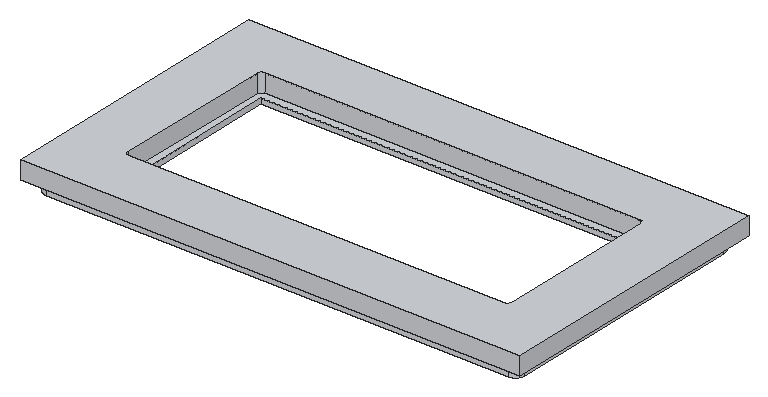
Revit family "Gira_1002220", category Electrical Fixtures, host Face, Revit 2017
Family settings
  Host = Face
  Maintain Annotation Orientation = No
  Round Connector Dimension = Use Diameter
  Part Type = Normal
  Cut with Voids When Loaded = No
  Shared = No
  Room Calculation Point = No
Parameters (values of type "Cov.fr. 2-g w/o cb Gira Esprit Lin.pwd.light grey")
  With mounting grid = "No"
  With hinged lid = "No"
  URL = "http://katalog.gira.de/en/datenblatt.html?artikelnr=1002220"
  Type of fastening = "Clamp mounting"
  Transparent = "No"
  Surface protection = "Other"
  Suitable for wall duct = "No"
  Suitable for flush-mounted installation = "Yes"
  Suitable for floor box = "No"
  Suitable for built-in installation = "No"
  Number of units vertical = "2"
  Number of units horizontal = "2"
  Number of units = "2"
  Name = "Cov.fr. 2-g w/o cb Gira Esprit Lin.pwd.light grey"
  Mounting direction = "Horizontal and vertical"
  Material quality = "Other"
  Material = "Other"
  Manufacturer URL = "https://www.gira.de/"
  Manufacturer = "Gira"
  Label space/information surface = "No"
  Keynote = ""
  HeinzeBIM = "https://bimportal.heinze.de/bim/cov-fr-2-g-w-o-cb-gira-esprit-lin-pwd-light-grey/4f4dbe396867dc5adea19272ba1c2c2fc483d05c"
  Halogen free = "No"
  HAN = "1002220"
  GTIN = "4010337015864"
  Description = "Cov.fr.2g w o cb Espr. LPwLg,Gira Esprit cover frame,linoleum-plywood light grey,2-gang without crossbar,Notes :,- Natural product. Colour deviations are possible.,- NCS value: approx. NCS S 2002-Y"
  Degree of protection (IP) = "IP20"
  Default Elevation = 1219.2 mm
  Data sheet (1) = "https://katalog.gira.de/en/download.html?artikelnr=1002220"
  Colour = "Other"
  Category = "Cover frame for domestic switching devices"
  BIM (1) = "https://media.stage.bim.site/public/gira/36a6b08/Espr._Rahmen_2fach o.Mittelsteg.rfa?public/gira/36a6b08/Espr._Rahmen_2fach o.Mittelsteg.rfa"
  Available = "No"
Reference planes
  plane 1 "Center (Front/Back)": y = 0
  plane 2: z = 0
  plane 3 "Center (Left/Right)": x = 0
Forms (mm)
  Extrusion 1, solid, detail levels fine
    sketch origin (0, 0, 0) x (1, 0, 0) y (0, 1, 0)
      loop
        line (-83, 47.5) -> (-83, -47.5) -> (83, -47.5) -> (83, 47.5) -> (-83, 47.5)
      loop
        arc (-63.75, -26.7) -> (-63.311, -27.761) -> (-62.25, -28.2) r 1.5
        line (-62.25, -28.2) -> (62.25, -28.2)
        arc (62.25, -28.2) -> (63.311, -27.761) -> (63.75, -26.7) r 1.5
        line (63.75, -26.7) -> (63.75, 26.7)
        arc (63.75, 26.7) -> (63.311, 27.761) -> (62.25, 28.2) r 1.5
        line (62.25, 28.2) -> (-62.25, 28.2)
        arc (-62.25, 28.2) -> (-63.311, 27.761) -> (-63.75, 26.7) r 1.5
        line (-63.75, 26.7) -> (-63.75, -26.7)
    from 0 to 6
  Extrusion 2, solid, detail levels fine
    sketch origin (0, 0, 0) x (1, 0, 0) y (0, 1, 0)
      loop
        line (-61.518, -25.7) -> (61.45, -25.7) -> (61.45, 25.7) -> (-61.518, 25.7) -> (-61.518, -25.7)
      loop
        arc (-78.55, -41.3) -> (-78.023, -42.573) -> (-76.75, -43.1) r 1.8
        line (-76.75, -43.1) -> (77.95, -43.1)
        arc (77.95, -43.1) -> (79.223, -42.573) -> (79.75, -41.3) r 1.8
        line (79.75, -41.3) -> (79.75, 41.3)
        arc (79.75, 41.3) -> (79.223, 42.573) -> (77.95, 43.1) r 1.8
        line (77.95, 43.1) -> (-76.75, 43.1)
        arc (-76.75, 43.1) -> (-78.023, 42.573) -> (-78.55, 41.3) r 1.8
        line (-78.55, 41.3) -> (-78.55, -41.3)
    from -1.9 to 0
  Extrusion 3, solid, detail levels fine
    sketch origin (0, 0, 0) x (1, 0, 0) y (0, 1, 0)
      loop
        arc (-76.75, 44.4) -> (-78.871, 43.521) -> (-79.75, 41.4) r 3
        line (-79.75, 41.4) -> (-79.75, -41.4)
        arc (-79.75, -41.4) -> (-78.871, -43.521) -> (-76.75, -44.4) r 3
        line (-76.75, -44.4) -> (76.75, -44.4)
        arc (76.75, -44.4) -> (78.871, -43.521) -> (79.75, -41.4) r 3
        line (79.75, -41.4) -> (79.75, 41.4)
        arc (79.75, 41.4) -> (78.871, 43.521) -> (76.75, 44.4) r 3
        line (76.75, 44.4) -> (-76.75, 44.4)
      loop
        arc (-78.55, -41.4) -> (-78.023, -42.673) -> (-76.75, -43.2) r 1.8
        line (-76.75, -43.2) -> (76.75, -43.2)
        arc (76.75, -43.2) -> (78.023, -42.673) -> (78.55, -41.4) r 1.8
        line (78.55, -41.4) -> (78.55, 41.4)
        arc (78.55, 41.4) -> (78.023, 42.673) -> (76.75, 43.2) r 1.8
        line (76.75, 43.2) -> (-76.75, 43.2)
        arc (-76.75, 43.2) -> (-78.023, 42.673) -> (-78.55, 41.4) r 1.8
        line (-78.55, 41.4) -> (-78.55, -41.4)
    from -3.7 to 0
  Extrusion 4, solid, detail levels medium
    sketch origin (0, 0, 0) x (1, 0, 0) y (0, 1, 0)
      loop
        line (-83, 47.5) -> (-83, -47.5) -> (83, -47.5) -> (83, 47.5) -> (-83, 47.5)
    from 0 to 6
  Extrusion 5, solid, detail levels medium
    sketch origin (0, 0, 0) x (1, 0, 0) y (0, 1, 0)
      loop
        line (-79.75, 44.4) -> (-79.75, -44.4) -> (79.75, -44.4) -> (79.75, 44.4) -> (-79.75, 44.4)
    from -3.7 to 0
  Extrusion 6, solid, detail levels coarse
    sketch origin (0, 0, 0) x (1, 0, 0) y (0, 1, 0)
      loop
        line (-83, 47.5) -> (-83, -47.5) -> (83, -47.5) -> (83, 47.5) -> (-83, 47.5)
    from -3.7 to 6
Dimensions and locks
  aligned and locked: plane 2 to host face
  aligned and locked: level to host face
